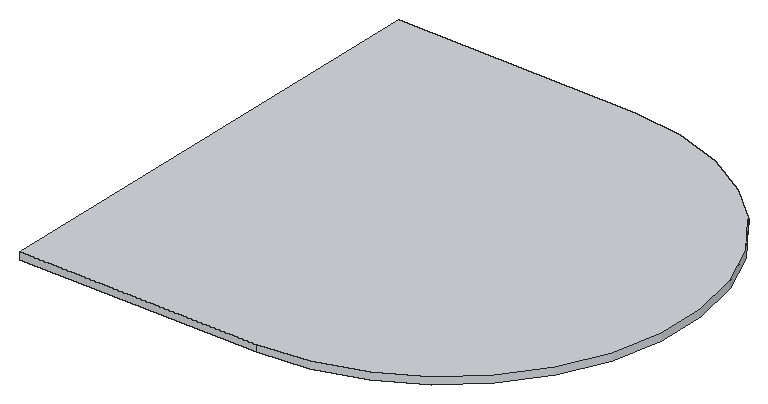
Revit family "FURN_Table_Half Circle", category Furniture, Revit 2024
Family settings
  OmniClass Number = 23.40.20.00
  OmniClass Title = General Furniture and Specialties
  Work Plane-Based = No
  Enable Cutting in Views = No
  Always vertical = Yes
  Cut with Voids When Loaded = No
  Render Appearance Source = Family Geometry
  Shared = No
  Room Calculation Point = No
Parameters (values of type "Half Circle_685mm Straight x 1370_Media Outlets")
  Width = 1370 mm
  Outlets = yes
  Length_Straight Portion = 685 mm
  Height = 685 mm
  EA_Repath [instance] = 0 mm
  Default Elevation = 0 mm
Reference planes
  plane 1 "Center (Front/Back)": y = 0
  plane 2: z = 0
  plane 3 "Center (Left/Right)": x = 0
  plane 4: x = 685
  plane 5: y = 685
  plane 6: y = -685
  plane 7 "Surface": z = 685
Forms (mm)
  Extrusion 1, solid
    sketch origin (-331.01, -1524, 685) x (-1, 0, 0) y (0, -1, 0)
      loop
        line (-331.01, -2209) -> (-331.01, -839) -> (-1016.01, -839)
        arc (-1016.01, -839) -> (-1701.01, -1524) -> (-1016.01, -2209) r 685
        line (-1016.01, -2209) -> (-331.01, -2209)
    from 0 to -20
Dimensions and locks
  equal spacing: plane 5, plane 1 "Center (Front/Back)", plane 6
  "Width": plane 5 to plane 6
  "Length_Straight Portion": plane 3 "Center (Left/Right)" to plane 4
  "Height": plane 7 "Surface" to plane 2
  aligned and locked: level to plane 2
  aligned and locked: Extrusion 1 sketch curve to plane 3 "Center (Left/Right)"
  aligned and locked: Extrusion 1 sketch curve to plane 5
  aligned and locked: plane 6 to Extrusion 1 sketch curve
  aligned and locked: plane 1 "Center (Front/Back)" to nested 1
  aligned and locked: plane 4 to nested 1
Automatic sketch dimensions
  Extrusion 1 sketch curve to plane 4 = 0 mm
Nested families
  nested 1: "12_Media Outlets" at (685, 0, 0), visible <- "Outlets", type "200 x 300"
Definition of nested family "12_Media Outlets"
  Reference planes
    plane 1 "Center (Front/Back)": y = 0
    plane 2: z = 0
    plane 3 "Center (Left/Right)": x = 0
  Lines and regions (mm)
    detail lines, in view "Ref. Level"
      curve 1: line (-100, 150, 0) -> (100, 150, 0)
      curve 2: line (-100, -150, 0) -> (-100, 150, 0)
      curve 3: line (100, -150, 0) -> (-100, -150, 0)
      curve 4: line (100, 150, 0) -> (100, -150, 0)
      curve 5: line (-75, 125, 0) -> (75, 125, 0)
      curve 6: line (-75, -125, 0) -> (-75, 125, 0)
      curve 7: line (75, -125, 0) -> (-75, -125, 0)
      curve 8: line (75, 125, 0) -> (75, -125, 0)
